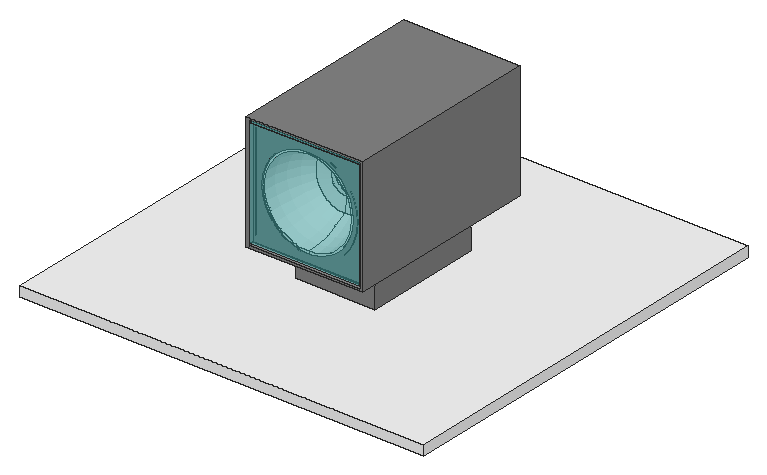
Revit family "BE_24617_de_DE", category Leuchten, Revit 2017
Family settings
  Basisbauteil = Fläche
  Bemaßung runder Anschluss = Durchmesser verwenden
  Teiletyp = Normal
  Beim Laden mit Abzugskörper schneiden = Ja
  Lichtquelle = Ja
  Gemeinsam genutzt = Nein
  Raumberechnungspunkt = Ja
Parameters (values of type "BEGA_24617_Grafit_K3")
  built-in parameter 1150104 = 16.37 (stored number, unit not read)
  Wattage = 16.8 W
  Default Elevation = 0 mm
  built-in parameter 1150113 = 1 (stored number, unit not read)
  built-in parameter 1114218 = 1 (stored number, unit not read)
  Umgebungstemperatur = "25 °C"
  URL = "https://www.bega.com/de/produkt/24617"
  Typenkommentare = "© 2021 BEGA. Wir behalten uns das Recht vor, technische Änderungen ohne vorherige Ankündigung vorzunehmen."  # constant formula
  built-in parameter 1150134 = (empty or 0)
  built-in parameter 1150109 = 1 (stored number, unit not read)
  Strom = ""
  built-in parameter 1150110 = 1 (stored number, unit not read)
  Spannung = 239.996 V
  Sonderanfertigung = no
  Seriennummer [instance] = "Hier können Sie die eindeutige Seriennummer für das Facility Management eintragen."
  Schutzklasse = "I"
  Schutzart = "IP 65"
  Scheinlast = 0 VA
  Produktdatenblatt = "http://www.bega.de/download/Xrfa/db/24617.db.de.pdf"
  Oberflächentemperatur = ""
  Neigungswinkel = 0.00°
  Modell = "24617K3"
  Material_18 = BEGA_Gummi_schwarz
  Material_17 = BEGA_Reflektor
  Material_15 = BEGA_Leuchtmedium_matt
  Material_11 = BEGA_Glas_opal
  Material_09 = BEGA_Glas_klar
  Material_06 = BEGA_Oberfläche_Edelstahl_gebürstet
  Material_03 = BEGA_Oberfläche_Weiss_matt
  Material_02 = BEGA_Oberfläche_Silber_matt
  Material_01 [instance] = BEGA_Oberfläche_Grafit_matt
  M_W = no
  M_G = yes
  M_A = no
  Logo = 0
  built-in parameter 1114217 = 1 (stored number, unit not read)
  built-in parameter 1150139 = (empty or 0)
  built-in parameter 1150105 = 235.56 (stored number, unit not read)
  built-in parameter 1150114 = 1 (stored number, unit not read)
  Lumens = 2960.16 lm
  built-in parameter 1150115 = 1 (stored number, unit not read)
  Leuchtenlichtstrom = "2090 lm"
  Leuchtenanzahl = ""
  Lebensdauerkriterien = "L70B50 @ 25 °C = 170000 h"
  Lastklassifizierung = Beleuchtung
  built-in parameter 1150112 = 1 (stored number, unit not read)
  Lampenlichtstrom = "2960 lm"
  Lampe = "LED 16.8 W"
  LED_Modulbezeichnung = "2x LED-1145/830"
  built-in parameter 1150142 = (empty or 0)
  Hersteller = "BEGA"  # constant formula
  Halbstreuwinkel = ""
  Gewicht = "2.7 kg"
  Gebrauchslageneinschränkung [instance] = ""
  Frequenz = "0/50-60 Hz"
  Farbwiedergabeindex = "CRI > 80"
  Farbtemperaturverschiebung bei Dämpfen der Lampe = <Keine Auswahl>
  Farbtemperatur = "3000 K"
  Color Filter = 16777215
  built-in parameter 1150133 = 10 (stored number, unit not read)
  Energieeffizienzklasse = "LED A++ - A"
  built-in parameter 1150137 = (empty or 0)
  built-in parameter 1150132 = (empty or 0)
  ENEC = ""
  Dimmbar [instance] = ""
  Datei für fotometrisches Netz = "BE_24617K3.IES"
  CE_Konformität = "ja"
  Bestellnummer = "24617K3"
  Beschreibung_Sonderanfertigung = "Hier können Sie Informationen zur Sonderanfertigung eintragen."
  Beschreibung = "Wandleuchte"
  built-in parameter 1150106 = 2.3556 (stored number, unit not read)
  Befestigungsbohrung = "Ø 4,4 mm"
  Befestigungsabstand = "60 x 95 mm"
  Ballwurfsicher = ""
  BEGA_Intern_aus = yes
  BEGA_Intern_an = yes
  BEGA_Intern_Konstruktion = yes
  BEGA_Intern = yes
  BEGA_IES = yes
  BEGA_Dummy = no
  Anschlussleitung = ""
  Anschlussleistung [instance] = "19 W"
  Anschlusskasten = ""
  built-in parameter 1150107 = 3000 (stored number, unit not read)
  built-in parameter 1150102 = (empty or 0)
  built-in parameter 1150138 = (empty or 0)
  Aktualisierung = "2021-06-02T04:00:13"
  Abstand_zur_angestrahlten_Fläche [instance] = ""
  AC/DC = "AC/DC"
Types (6, lengths in mm): name | built-in parameter 1150104 | built-in parameter 1150134 | Modell | M_W | M_G | M_A | built-in parameter 1150105 | Lumens | Leuchtenlichtstrom | Lampenlichtstrom | LED_Modulbezeichnung | Farbtemperatur | Datei für fotometrisches Netz | Bestellnummer | built-in parameter 1150106 | built-in parameter 1150107
  BEGA_24617_Grafit_K4 | 17.196 (stored number, unit not read) | 12 | "24617K4" | no | yes | no | 247.46 (stored number, unit not read) | 3109.68 lm | "2196 lm" | "3110 lm" | "2x LED-1145/840" | "4000 K" | "BE_24617K4.IES" | "24617K4" | 2.4746 (stored number, unit not read) | 4000 (stored number, unit not read)
  BEGA_24617_Grafit_K3 | 16.37 (stored number, unit not read) | (empty or 0) | "24617K3" | no | yes | no | 235.56 (stored number, unit not read) | 2960.16 lm | "2090 lm" | "2960 lm" | "2x LED-1145/830" | "3000 K" | "BE_24617K3.IES" | "24617K3" | 2.3556 (stored number, unit not read) | 3000 (stored number, unit not read)
  BEGA_24617_Silber_K4 | 17.196 (stored number, unit not read) | 12 | "24617AK4" | no | no | yes | 247.46 (stored number, unit not read) | 3109.68 lm | "2196 lm" | "3110 lm" | "2x LED-1145/840" | "4000 K" | "BE_24617K4.IES" | "24617AK4" | 2.4746 (stored number, unit not read) | 4000 (stored number, unit not read)
  BEGA_24617_Silber_K3 | 16.37 (stored number, unit not read) | (empty or 0) | "24617AK3" | no | no | yes | 235.56 (stored number, unit not read) | 2960.16 lm | "2090 lm" | "2960 lm" | "2x LED-1145/830" | "3000 K" | "BE_24617K3.IES" | "24617AK3" | 2.3556 (stored number, unit not read) | 3000 (stored number, unit not read)
  BEGA_24617_Weiß_K3 | 16.37 (stored number, unit not read) | (empty or 0) | "24617WK3" | yes | no | no | 235.56 (stored number, unit not read) | 2960.16 lm | "2090 lm" | "2960 lm" | "2x LED-1145/830" | "3000 K" | "BE_24617K3.IES" | "24617WK3" | 2.3556 (stored number, unit not read) | 3000 (stored number, unit not read)
  BEGA_24617_Weiß_K4 | 17.196 (stored number, unit not read) | 12 | "24617WK4" | yes | no | no | 247.46 (stored number, unit not read) | 3109.68 lm | "2196 lm" | "3110 lm" | "2x LED-1145/840" | "4000 K" | "BE_24617K4.IES" | "24617WK4" | 2.4746 (stored number, unit not read) | 4000 (stored number, unit not read)
Reference planes
  plane 1 "Mitte (Vorne/Hinten)": y = 0
  plane 2: z = 0
  plane 3 "Mitte (Links/Rechts)": x = 0
  plane 4 "Links": x = -58.008
  plane 5 "Rechts": x = 56.992
  plane 6 "Unten": y = -97.725
  plane 7 "Oben": y = 97.725
  plane 8 "Vorne": z = 154.8
  plane 9 "Hinten": z = 0
Forms (mm)
  Extrusion 1, solid, material "BEGA_Platte_Weiss"
    sketch origin (0, -1119.2, 0) x (1, 0, 0) y (0, 1, 0)
      loop
        line (-200, 1319.2) -> (-200, 919.2) -> (200, 919.2) -> (200, 1319.2) -> (-200, 1319.2)
    from 0 to -10
  Extrusion 2, solid, material "BEGA_Dummy_matt", visible <- "BEGA_Dummy"
    sketch origin (80.095, -76.023, 0) x (1, 0, 0) y (0, 1, 0)
      loop
        line (-138.104, 173.748) -> (-138.104, -21.702) -> (-23.104, -21.702) -> (-23.104, 173.748) -> (-138.104, 173.748)
    from 0 to 154.8
Dimensions and locks
  plane 1 "Mitte (Vorne/Hinten)" to Extrusion 1 = 200 mm
  aligned and locked: Extrusion 1 to plane 2
  aligned and locked: Extrusion 1 to level
Nested families
  nested 1: "BE_24617" at (0, 0, 0) x (0, 1, 0) z (0, 0, 1), type "BE_24617"
Connectors
  electrical at (0, 0, 0), driven by "Lastklassifizierung", driven by "Spannung", driven by "Scheinlast"
    settings: index 1, voltage 239.996 V, apparent load 0 VA, apparent load phase1 0 VA, apparent load phase2 0 VA, apparent load phase3 0 VA, power factor 1, load classification "Beleuchtung", number of poles 1, system type 31, power factor state 1, is connector primary yes, connector utility no, sub classification motor no, connector description ""
Definition of nested family "BE_24617"
  Parameters (values of type "BE_24617")
    Default Elevation = 1 mm
    URL = "http://www.bega.de/de/produkt"
    Type Comments = "© 2015 BEGA. Wir behalten uns das Recht vor, technische Änderungen ohne vorherige Ankündigung vorzunehmen. "  # constant formula
    Type Image = (empty or 0)
    Neigungswinkel_um_Z2 = 0.00°
    Neigungswinkel_um_Z1 = 0.00°
    Neigungswinkel_um_Y2 = 0.00°
    Neigungswinkel_um_Y1 = 0.00°
    Neigungswinkel_um_X2 = 0.00°
    Neigungswinkel_um_X1 = 0.00°
    Material_18 = none
    Material_17 = none
    Material_15 = none
    Material_11 = none
    Material_09 = none
    Material_06 = none
    Material_03 = none
    Material_02 = none
    Material_01 = none
    M_W = yes
    M_G = yes
    M_A = yes
    Länge_Platte = 400 mm  # constant formula
    Höhe_Platte = -25 mm  # constant formula
    Manufacturer = "BEGA"  # constant formula
    Drehwinkel_um_Z2 = 0.00°
    Drehwinkel_um_Z1 = 0.00°
    Breite_Platte = 400 mm  # constant formula
  Reference planes
    plane 1 "Mitte (Oben/Unten)": y = 0
    plane 2: z = 0
    plane 3 "Mitte (Links/Rechts)": x = 0
    plane 4: x = 97.725
    plane 5: z = 154.8
    plane 6: x = -97.725
    plane 7: y = 58.008
    plane 8: y = -56.992
  Forms (mm)
    Extrusion 1, solid, detail levels medium
      sketch origin (0, 0, 0) x (1, 0, 0) y (0, 1, 0)
        loop
          line (-200, 200) -> (-200, -200) -> (200, -200) -> (200, 200) -> (-200, 200)
      from 0 to -25 <- "Höhe_Platte"
    Extrusion 2, solid, material <- "Material_01", visible <- "M_G"
      sketch origin (0, 0, 0) x (1, 0, 0) y (0, 0, 1)
        loop
          line (97.475, 154.8) -> (-97.525, 154.8) -> (-97.525, 39.8) -> (97.475, 39.8) -> (97.475, 154.8)
      from -58.008 to 56.992
    Extrusion 3, void
      sketch origin (0, 0, 0) x (1, 0, 0) y (0, 0, 1)
        loop
          line (-100.889, 146.069) -> (-100.889, 50.331) -> (-42.025, 50.331) -> (-42.025, 146.069) -> (-100.889, 146.069)
      from -51.5 to 51.5
    Extrusion 4, void
      sketch origin (0, 0, 0) x (-1, 0, 0) y (0, 0, -1)
        loop
          line (-100.889, -146.069) -> (-42.025, -146.069) -> (-42.025, -50.331) -> (-100.889, -50.331) -> (-100.889, -146.069)
      from -51.5 to 51.5
    Extrusion 5, void
      sketch origin (0, 0, 0) x (1, 0, 0) y (0, 0, 1)
        loop
          line (-99.791, 153.989) -> (-99.791, 40.411) -> (-93.325, 42.765) -> (-93.325, 151.635) -> (-99.791, 153.989)
      from -55 to 55
    Extrusion 6, void
      sketch origin (0, 0, 0) x (-1, 0, 0) y (0, 0, -1)
        loop
          line (-99.791, -153.989) -> (-93.325, -151.635) -> (-93.325, -42.765) -> (-99.791, -40.411) -> (-99.791, -153.989)
      from -55 to 55
    Revolve 7, solid, material <- "Material_17"
      sketch origin (0, 0, -1) x (1, 0, 0) y (0, 0, 1)
        loop
          line (-93.325, 49.2) -> (-92.125, 49.2) -> (-92.125, 53.997)
          arc (-92.125, 53.997) -> (-68.571, 57.347) -> (-47.663, 68.699) r 67.151
          line (-47.663, 68.699) -> (-45.129, 83.069) -> (-45.125, 88.2) -> (-46.329, 88.2) -> (-46.329, 83.174) -> (-48.772, 69.319)
          arc (-48.772, 69.319) -> (-69.78, 58.256) -> (-93.325, 55.192) r 67.174
          line (-93.325, 55.192) -> (-93.325, 49.2)
        axis (-93.325, 98.2) -> (-45.125, 98.2)
      angle from 0 to 360
    Extrusion 8, solid, material <- "Material_09"
      sketch origin (0, 0, 0) x (1, 0, 0) y (0, 0, 1)
        loop
          line (-97.725, 151.2) -> (-97.725, 43.2) -> (-93.625, 43.2) -> (-93.625, 151.2) -> (-97.725, 151.2)
      from -54 to 54
    Extrusion 9, solid, material <- "Material_09"
      sketch origin (0, 0, 0) x (-1, 0, 0) y (0, 0, -1)
        loop
          line (-97.725, -151.2) -> (-93.625, -151.2) -> (-93.625, -43.2) -> (-97.725, -43.2) -> (-97.725, -151.2)
      from -54 to 54
    Extrusion 10, solid, material <- "Material_18"
      sketch origin (0, 0, 0) x (0, 1, 0) y (0, 0, 1)
        loop
          circle (0, 97.2) r 45.5
        loop
          line (53.5, 150.7) -> (-53.5, 150.7) -> (-53.5, 43.7) -> (53.5, 43.7) -> (53.5, 150.7)
      from 92.865 to 93.675
    Extrusion 11, solid, material <- "Material_18"
      sketch origin (0, 0, 0) x (0, 1, 0) y (0, 0, -1)
        loop
          circle (0, -97.2) r 45.5
        loop
          line (53.5, -150.7) -> (53.5, -43.7) -> (-53.5, -43.7) -> (-53.5, -150.7) -> (53.5, -150.7)
      from 92.865 to 93.675
    Revolve 12, solid, material <- "Material_17"
      sketch origin (0, 0, -1) x (-1, 0, 0) y (0, 0, 1)
        loop
          line (-93.325, 49.2) -> (-92.125, 49.2) -> (-92.125, 53.997)
          arc (-92.125, 53.997) -> (-68.571, 57.347) -> (-47.663, 68.699) r 67.151
          line (-47.663, 68.699) -> (-45.129, 83.069) -> (-45.125, 88.2) -> (-46.329, 88.2) -> (-46.329, 83.174) -> (-48.772, 69.319)
          arc (-48.772, 69.319) -> (-69.78, 58.256) -> (-93.325, 55.192) r 67.174
          line (-93.325, 55.192) -> (-93.325, 49.2)
        axis (-93.325, 98.2) -> (-45.125, 98.2)
      angle from 0 to 360
    Revolve 13, solid, material <- "Material_15"
      sketch origin (0, 0, -0.993) x (1, 0, 0) y (0, 0, 1)
        loop
          line (-43.575, 109.316) -> (-43.575, 98.2) -> (-42.025, 98.2) -> (-42.025, 109.316) -> (-43.575, 109.316)
        axis (-43.575, 98.2) -> (-42.025, 98.2)
      angle from 0 to 360
    Extrusion 14, solid, material <- "Material_01", visible <- "M_G"
      sketch origin (0, 0, 0) x (1, 0, 0) y (0, 0, 1)
        loop
          line (-59.025, 1) -> (58.975, 1) -> (57.876, 43) -> (-57.925, 43) -> (-59.025, 1)
      from -40.22 to 38.809
    Extrusion 15, solid, material <- "Material_01", visible <- "M_G"
      sketch origin (0, 0, 0) x (1, 0, 0) y (0, 1, 0)
        loop
          arc (45.675, 33.724) -> (43.46, 31.508) -> (45.675, 29.293) r 2.215
          line (45.675, 29.293) -> (49.675, 29.293)
          arc (49.675, 29.293) -> (51.891, 31.508) -> (49.675, 33.724) r 2.215
          line (49.675, 33.724) -> (45.675, 33.724)
        loop
          arc (45.675, 35.723) -> (41.461, 31.508) -> (45.675, 27.293) r 4.215
          line (45.675, 27.293) -> (49.675, 27.293)
          arc (49.675, 27.293) -> (53.89, 31.508) -> (49.675, 35.723) r 4.215
          line (49.675, 35.723) -> (45.675, 35.723)
      from 0 to 15.14
    Extrusion 16, solid, material <- "Material_01", visible <- "M_G"
      sketch origin (0, 0, 0) x (1, 0, 0) y (0, 1, 0)
        loop
          arc (45.675, -26.277) -> (41.461, -30.492) -> (45.675, -34.707) r 4.215
          line (45.675, -34.707) -> (49.675, -34.707)
          arc (49.675, -34.707) -> (53.89, -30.492) -> (49.675, -26.277) r 4.215
          line (49.675, -26.277) -> (45.675, -26.277)
      from 0 to 15.14
    Extrusion 17, solid, material <- "Material_01", visible <- "M_G"
      sketch origin (0, 0, 0) x (1, 0, 0) y (0, 1, 0)
        loop
          line (-49.54, -26.492) -> (-49.54, -30.492)
          arc (-49.54, -30.492) -> (-47.325, -32.707) -> (-45.109, -30.492) r 2.215
          line (-45.109, -30.492) -> (-45.109, -26.492)
          arc (-45.109, -26.492) -> (-47.325, -24.276) -> (-49.54, -26.492) r 2.215
        loop
          line (-51.539, -26.492) -> (-51.539, -30.492)
          arc (-51.539, -30.492) -> (-47.325, -34.707) -> (-43.11, -30.492) r 4.215
          line (-43.11, -30.492) -> (-43.11, -26.492)
          arc (-43.11, -26.492) -> (-47.325, -22.277) -> (-51.539, -26.492) r 4.215
      from 0 to 13.915
    Extrusion 18, solid, material <- "Material_01", visible <- "M_G"
      sketch origin (0, 0, 0) x (1, 0, 0) y (0, 1, 0)
        loop
          arc (-43.11, 31.508) -> (-47.325, 35.723) -> (-51.539, 31.508) r 4.215
          line (-51.539, 31.508) -> (-51.539, 27.508)
          arc (-51.539, 27.508) -> (-47.325, 23.293) -> (-43.11, 27.508) r 4.215
          line (-43.11, 27.508) -> (-43.11, 31.508)
      from 0 to 13.915
    Extrusion 19, solid, material <- "Material_02", visible <- "M_A"
      sketch origin (0, 0, 0) x (1, 0, 0) y (0, 0, 1)
        loop
          line (97.475, 154.8) -> (-97.525, 154.8) -> (-97.525, 39.8) -> (97.475, 39.8) -> (97.475, 154.8)
      from -58.008 to 56.992
    Extrusion 20, solid, material <- "Material_03", visible <- "M_W"
      sketch origin (0, 0, 0) x (1, 0, 0) y (0, 0, 1)
        loop
          line (97.475, 154.8) -> (-97.525, 154.8) -> (-97.525, 39.8) -> (97.475, 39.8) -> (97.475, 154.8)
      from -58.008 to 56.992
    Extrusion 21, solid, material <- "Material_02", visible <- "M_A"
      sketch origin (0, 0, 0) x (1, 0, 0) y (0, 0, 1)
        loop
          line (-59.025, 1) -> (58.975, 1) -> (57.876, 43) -> (-57.925, 43) -> (-59.025, 1)
      from -40.22 to 38.809
    Extrusion 22, solid, material <- "Material_03", visible <- "M_W"
      sketch origin (0, 0, 0) x (1, 0, 0) y (0, 0, 1)
        loop
          line (-59.025, 1) -> (58.975, 1) -> (57.876, 43) -> (-57.925, 43) -> (-59.025, 1)
      from -40.22 to 38.809
    Extrusion 23, solid, material <- "Material_02", visible <- "M_A"
      sketch origin (0, 0, 0) x (1, 0, 0) y (0, 1, 0)
        loop
          line (-49.54, -26.492) -> (-49.54, -30.492)
          arc (-49.54, -30.492) -> (-47.325, -32.707) -> (-45.109, -30.492) r 2.215
          line (-45.109, -30.492) -> (-45.109, -26.492)
          arc (-45.109, -26.492) -> (-47.325, -24.276) -> (-49.54, -26.492) r 2.215
        loop
          line (-51.539, -26.492) -> (-51.539, -30.492)
          arc (-51.539, -30.492) -> (-47.325, -34.707) -> (-43.11, -30.492) r 4.215
          line (-43.11, -30.492) -> (-43.11, -26.492)
          arc (-43.11, -26.492) -> (-47.325, -22.277) -> (-51.539, -26.492) r 4.215
      from 0 to 13.915
    Extrusion 24, solid, material <- "Material_03", visible <- "M_W"
      sketch origin (0, 0, 0) x (1, 0, 0) y (0, 1, 0)
        loop
          line (-49.54, -26.492) -> (-49.54, -30.492)
          arc (-49.54, -30.492) -> (-47.325, -32.707) -> (-45.109, -30.492) r 2.215
          line (-45.109, -30.492) -> (-45.109, -26.492)
          arc (-45.109, -26.492) -> (-47.325, -24.276) -> (-49.54, -26.492) r 2.215
        loop
          line (-51.539, -26.492) -> (-51.539, -30.492)
          arc (-51.539, -30.492) -> (-47.325, -34.707) -> (-43.11, -30.492) r 4.215
          line (-43.11, -30.492) -> (-43.11, -26.492)
          arc (-43.11, -26.492) -> (-47.325, -22.277) -> (-51.539, -26.492) r 4.215
      from 0 to 13.915
    Extrusion 25, solid, material <- "Material_02", visible <- "M_A"
      sketch origin (0, 0, 0) x (1, 0, 0) y (0, 1, 0)
        loop
          arc (-43.11, 31.508) -> (-47.325, 35.723) -> (-51.539, 31.508) r 4.215
          line (-51.539, 31.508) -> (-51.539, 27.508)
          arc (-51.539, 27.508) -> (-47.325, 23.293) -> (-43.11, 27.508) r 4.215
          line (-43.11, 27.508) -> (-43.11, 31.508)
      from 0 to 13.915
    Extrusion 26, solid, material <- "Material_03", visible <- "M_W"
      sketch origin (0, 0, 0) x (1, 0, 0) y (0, 1, 0)
        loop
          arc (-43.11, 31.508) -> (-47.325, 35.723) -> (-51.539, 31.508) r 4.215
          line (-51.539, 31.508) -> (-51.539, 27.508)
          arc (-51.539, 27.508) -> (-47.325, 23.293) -> (-43.11, 27.508) r 4.215
          line (-43.11, 27.508) -> (-43.11, 31.508)
      from 0 to 13.915
    Extrusion 27, solid, material <- "Material_02", visible <- "M_A"
      sketch origin (0, 0, 0) x (1, 0, 0) y (0, 1, 0)
        loop
          arc (45.675, -26.277) -> (41.461, -30.492) -> (45.675, -34.707) r 4.215
          line (45.675, -34.707) -> (49.675, -34.707)
          arc (49.675, -34.707) -> (53.89, -30.492) -> (49.675, -26.277) r 4.215
          line (49.675, -26.277) -> (45.675, -26.277)
      from 0 to 15.14
    Extrusion 28, solid, material <- "Material_03", visible <- "M_W"
      sketch origin (0, 0, 0) x (1, 0, 0) y (0, 1, 0)
        loop
          arc (45.675, -26.277) -> (41.461, -30.492) -> (45.675, -34.707) r 4.215
          line (45.675, -34.707) -> (49.675, -34.707)
          arc (49.675, -34.707) -> (53.89, -30.492) -> (49.675, -26.277) r 4.215
          line (49.675, -26.277) -> (45.675, -26.277)
      from 0 to 15.14
    Extrusion 29, solid, material <- "Material_02", visible <- "M_A"
      sketch origin (0, 0, 0) x (1, 0, 0) y (0, 1, 0)
        loop
          arc (45.675, 33.724) -> (43.46, 31.508) -> (45.675, 29.293) r 2.215
          line (45.675, 29.293) -> (49.675, 29.293)
          arc (49.675, 29.293) -> (51.891, 31.508) -> (49.675, 33.724) r 2.215
          line (49.675, 33.724) -> (45.675, 33.724)
        loop
          arc (45.675, 35.723) -> (41.461, 31.508) -> (45.675, 27.293) r 4.215
          line (45.675, 27.293) -> (49.675, 27.293)
          arc (49.675, 27.293) -> (53.89, 31.508) -> (49.675, 35.723) r 4.215
          line (49.675, 35.723) -> (45.675, 35.723)
      from 0 to 15.14
    Extrusion 30, solid, material <- "Material_03", visible <- "M_W"
      sketch origin (0, 0, 0) x (1, 0, 0) y (0, 1, 0)
        loop
          arc (45.675, 33.724) -> (43.46, 31.508) -> (45.675, 29.293) r 2.215
          line (45.675, 29.293) -> (49.675, 29.293)
          arc (49.675, 29.293) -> (51.891, 31.508) -> (49.675, 33.724) r 2.215
          line (49.675, 33.724) -> (45.675, 33.724)
        loop
          arc (45.675, 35.723) -> (41.461, 31.508) -> (45.675, 27.293) r 4.215
          line (45.675, 27.293) -> (49.675, 27.293)
          arc (49.675, 27.293) -> (53.89, 31.508) -> (49.675, 35.723) r 4.215
          line (49.675, 35.723) -> (45.675, 35.723)
      from 0 to 15.14
    Revolve 31, solid, material <- "Material_15"
      sketch origin (0, 0, -0.993) x (-1, 0, 0) y (0, 0, 1)
        loop
          line (-43.575, 109.316) -> (-43.575, 98.2) -> (-42.025, 98.2) -> (-42.025, 109.316) -> (-43.575, 109.316)
        axis (-43.575, 98.2) -> (-42.025, 98.2)
      angle from 0 to 360
  Cuts and joins
    Extrusion 3, Extrusion 4, Extrusion 5, Extrusion 6 cuts Extrusion 2
    Extrusion 3, Extrusion 4, Extrusion 5, Extrusion 6 cuts Extrusion 19
    Extrusion 3, Extrusion 4, Extrusion 5, Extrusion 6 cuts Extrusion 20
  Dimensions and locks
    equal spacing: Extrusion 1 sketch curve, plane 3 "Mitte (Links/Rechts)", Extrusion 1 sketch curve
    equal spacing: Extrusion 1 sketch curve, plane 1 "Mitte (Oben/Unten)", Extrusion 1 sketch curve
    "Länge_Platte": Extrusion 1 sketch curve to Extrusion 1 sketch curve
    "Breite_Platte": Extrusion 1 sketch curve to Extrusion 1 sketch curve
    aligned and locked: Extrusion 1 to plane 2
    aligned and locked: Extrusion 1 to level
  Automatic sketch dimensions
    Extrusion 2 sketch curve to plane 5 = 0 mm
    plane 6 to Extrusion 2 sketch curve = 0.2 mm
    Extrusion 2 sketch curve to plane 4 = 0.249 mm
    level to Extrusion 2 sketch curve = 39.8 mm
    Extrusion 3 sketch curve to plane 6 = 3.165 mm
    Extrusion 3 sketch curve to plane 5 = 8.731 mm
    Extrusion 3 sketch curve to plane 3 "Mitte (Links/Rechts)" = 42.025 mm
    level to Extrusion 3 sketch curve = 50.331 mm
    Extrusion 4 sketch curve to plane 4 = 3.165 mm
    plane 5 to Extrusion 4 sketch curve = 8.731 mm
    Extrusion 4 sketch curve to plane 3 "Mitte (Links/Rechts)" = 42.025 mm
    Extrusion 4 sketch curve to level = 50.331 mm
    Extrusion 5 sketch curve to plane 6 = 2.066 mm
    plane 6 to Extrusion 5 sketch curve = 4.4 mm
    level to Extrusion 5 sketch curve = 40.411 mm
    Extrusion 5 sketch curve to Extrusion 5 sketch curve = 2.354 mm
    Extrusion 5 sketch curve to plane 5 = 3.165 mm
    Extrusion 5 sketch curve to plane 5 = 0.811 mm
    Extrusion 6 sketch curve to plane 4 = 2.066 mm
    plane 4 to Extrusion 6 sketch curve = 4.4 mm
    Extrusion 6 sketch curve to level = 40.411 mm
    Extrusion 6 sketch curve to Extrusion 6 sketch curve = 2.354 mm
    plane 5 to Extrusion 6 sketch curve = 3.165 mm
    plane 5 to Extrusion 6 sketch curve = 0.811 mm
    plane 6 to Revolve 7 sketch curve = 4.4 mm
    Revolve 7 sketch curve to Revolve 7 sketch curve = 1.2 mm  (x2)
    plane 6 to Revolve 7 sketch curve = 7.641 mm
    Revolve 7 sketch curve to Revolve 7 sketch curve = 0.43 mm
    Revolve 7 sketch curve to Revolve 7 sketch curve = 43.352 mm
    Revolve 7 sketch curve to Revolve 7 sketch curve = 1.109 mm
    Revolve 7 sketch curve to Revolve 7 sketch curve = 2.443 mm
    Revolve 7 sketch curve to Revolve 7 sketch curve = 1.205 mm
    level to Revolve 7 sketch curve = 48.2 mm
    Revolve 7 sketch curve to Revolve 7 sketch curve = 4.797 mm
    Revolve 7 sketch curve to Revolve 7 sketch curve = 1.195 mm
    Revolve 7 sketch curve to Revolve 7 sketch curve = 14.702 mm
    Revolve 7 sketch curve to Revolve 7 sketch curve = 0.619 mm
    Revolve 7 sketch curve to Revolve 7 sketch curve = 13.751 mm
    Revolve 7 sketch curve to Revolve 7 sketch curve = 0.105 mm
    Revolve 7 sketch curve to Revolve 7 sketch curve = 5.131 mm
    plane 6 to Revolve 7 sketch curve = 2.4 mm
    Revolve 7 sketch curve to Revolve 7 sketch curve = 2 mm
    Revolve 7 sketch curve to Revolve 7 sketch curve = 10 mm
    Extrusion 8 sketch curve to plane 6 = 0 mm
    plane 6 to Extrusion 8 sketch curve = 4.1 mm
    level to Extrusion 8 sketch curve = 43.2 mm
    Extrusion 8 sketch curve to plane 5 = 3.6 mm
    Extrusion 9 sketch curve to plane 4 = 0 mm
    Extrusion 9 sketch curve to Extrusion 9 sketch curve = 4.1 mm
    Extrusion 9 sketch curve to level = 43.2 mm
    plane 5 to Extrusion 9 sketch curve = 3.6 mm
    Extrusion 10 sketch curve to plane 1 "Mitte (Oben/Unten)" = 0 mm
    plane 8 to Extrusion 10 sketch curve = 3.492 mm
    Extrusion 10 sketch curve to plane 7 = 4.508 mm
    level to Extrusion 10 sketch curve = 43.7 mm
    Extrusion 10 sketch curve to plane 5 = 57.6 mm
    Extrusion 10 sketch curve to plane 5 = 4.1 mm
    Extrusion 11 sketch curve to plane 1 "Mitte (Oben/Unten)" = 0 mm
    plane 8 to Extrusion 11 sketch curve = 3.492 mm
    Extrusion 11 sketch curve to plane 7 = 4.508 mm
    Extrusion 11 sketch curve to plane 5 = 4.1 mm
    Extrusion 11 sketch curve to plane 5 = 57.6 mm
    level to Extrusion 11 sketch curve = 43.7 mm
    plane 4 to Revolve 12 sketch curve = 4.4 mm
    Revolve 12 sketch curve to Revolve 12 sketch curve = 1.2 mm  (x2)
    plane 4 to Revolve 12 sketch curve = 7.641 mm
    Revolve 12 sketch curve to Revolve 12 sketch curve = 0.43 mm
    Revolve 12 sketch curve to Revolve 12 sketch curve = 43.352 mm
    Revolve 12 sketch curve to Revolve 12 sketch curve = 1.109 mm
    Revolve 12 sketch curve to Revolve 12 sketch curve = 2.443 mm
    Revolve 12 sketch curve to Revolve 12 sketch curve = 1.205 mm
    Revolve 12 sketch curve to level = 48.2 mm
    Revolve 12 sketch curve to Revolve 12 sketch curve = 4.797 mm
    Revolve 12 sketch curve to Revolve 12 sketch curve = 1.195 mm
    Revolve 12 sketch curve to Revolve 12 sketch curve = 14.702 mm
    Revolve 12 sketch curve to Revolve 12 sketch curve = 0.619 mm
    Revolve 12 sketch curve to Revolve 12 sketch curve = 13.751 mm
    Revolve 12 sketch curve to Revolve 12 sketch curve = 0.105 mm
    Revolve 12 sketch curve to Revolve 12 sketch curve = 5.131 mm
    plane 4 to Revolve 12 sketch curve = 2.4 mm
    Revolve 12 sketch curve to Revolve 12 sketch curve = 2 mm
    Revolve 12 sketch curve to Revolve 12 sketch curve = 10 mm
    Revolve 13 sketch curve to plane 3 "Mitte (Links/Rechts)" = 43.575 mm
    Revolve 13 sketch curve to Revolve 13 sketch curve = 1.55 mm
    Revolve 13 sketch curve to plane 5 = 57.593 mm
    Revolve 13 sketch curve to Revolve 13 sketch curve = 11.116 mm
    plane 6 to Revolve 13 sketch curve = 2.4 mm
    Revolve 13 sketch curve to Revolve 13 sketch curve = 0.45 mm
    Revolve 13 sketch curve to Revolve 13 sketch curve = 0 mm
    level to Extrusion 14 sketch curve = 1 mm
    plane 6 to Extrusion 14 sketch curve = 38.7 mm
    plane 6 to Extrusion 14 sketch curve = 39.8 mm
    Extrusion 14 sketch curve to plane 4 = 39.849 mm
    Extrusion 14 sketch curve to plane 4 = 38.749 mm
    Extrusion 14 sketch curve to Extrusion 14 sketch curve = 42 mm
    Extrusion 19 sketch curve to plane 5 = 0 mm
    plane 6 to Extrusion 19 sketch curve = 0.2 mm
    Extrusion 19 sketch curve to plane 4 = 0.249 mm
    level to Extrusion 19 sketch curve = 39.8 mm
    Extrusion 20 sketch curve to plane 5 = 0 mm
    plane 6 to Extrusion 20 sketch curve = 0.2 mm
    Extrusion 20 sketch curve to plane 4 = 0.249 mm
    level to Extrusion 20 sketch curve = 39.8 mm
    level to Extrusion 21 sketch curve = 1 mm
    plane 6 to Extrusion 21 sketch curve = 38.7 mm
    plane 6 to Extrusion 21 sketch curve = 39.8 mm
    Extrusion 21 sketch curve to plane 4 = 39.849 mm
    Extrusion 21 sketch curve to plane 4 = 38.749 mm
    Extrusion 21 sketch curve to Extrusion 21 sketch curve = 42 mm
    level to Extrusion 22 sketch curve = 1 mm
    plane 6 to Extrusion 22 sketch curve = 38.7 mm
    plane 6 to Extrusion 22 sketch curve = 39.8 mm
    Extrusion 22 sketch curve to plane 4 = 39.849 mm
    Extrusion 22 sketch curve to plane 4 = 38.749 mm
    Extrusion 22 sketch curve to Extrusion 22 sketch curve = 42 mm
    Extrusion 23 sketch curve to Extrusion 23 sketch curve = 0 mm  (x23)
    Extrusion 23 sketch curve to plane 3 "Mitte (Links/Rechts)" = 47.325 mm
    plane 8 to Extrusion 23 sketch curve = 26.5 mm
    Extrusion 23 sketch curve to Extrusion 23 sketch curve = 4 mm  (x3)
    Extrusion 23 sketch curve to Extrusion 23 sketch curve = 2.215 mm  (x2)
    Extrusion 23 sketch curve to Extrusion 23 sketch curve = 1.999 mm  (x2)
    Extrusion 24 sketch curve to Extrusion 24 sketch curve = 0 mm  (x23)
    Extrusion 24 sketch curve to plane 3 "Mitte (Links/Rechts)" = 47.325 mm
    plane 8 to Extrusion 24 sketch curve = 26.5 mm
    Extrusion 24 sketch curve to Extrusion 24 sketch curve = 4 mm  (x3)
    Extrusion 24 sketch curve to Extrusion 24 sketch curve = 2.215 mm  (x2)
    Extrusion 24 sketch curve to Extrusion 24 sketch curve = 1.999 mm  (x2)
    Extrusion 25 sketch curve to plane 3 "Mitte (Links/Rechts)" = 47.325 mm
    Extrusion 25 sketch curve to Extrusion 25 sketch curve = 0 mm  (x10)
    Extrusion 25 sketch curve to plane 1 "Mitte (Oben/Unten)" = 27.508 mm
    Extrusion 25 sketch curve to Extrusion 25 sketch curve = 4 mm  (x3)
    Extrusion 25 sketch curve to Extrusion 25 sketch curve = 4.215 mm
    Extrusion 26 sketch curve to plane 3 "Mitte (Links/Rechts)" = 47.325 mm
    Extrusion 26 sketch curve to Extrusion 26 sketch curve = 0 mm  (x10)
    Extrusion 26 sketch curve to plane 1 "Mitte (Oben/Unten)" = 27.508 mm
    Extrusion 26 sketch curve to Extrusion 26 sketch curve = 4 mm  (x3)
    Extrusion 26 sketch curve to Extrusion 26 sketch curve = 4.215 mm
    plane 3 "Mitte (Links/Rechts)" to Extrusion 27 sketch curve = 45.675 mm
    Extrusion 27 sketch curve to Extrusion 27 sketch curve = 4 mm  (x3)
    plane 8 to Extrusion 27 sketch curve = 26.5 mm
    Extrusion 27 sketch curve to Extrusion 27 sketch curve = 0 mm  (x9)
    Extrusion 27 sketch curve to Extrusion 27 sketch curve = 4.215 mm
    plane 3 "Mitte (Links/Rechts)" to Extrusion 28 sketch curve = 45.675 mm
    Extrusion 28 sketch curve to Extrusion 28 sketch curve = 4 mm  (x3)
    plane 8 to Extrusion 28 sketch curve = 26.5 mm
    Extrusion 28 sketch curve to Extrusion 28 sketch curve = 0 mm  (x9)
    Extrusion 28 sketch curve to Extrusion 28 sketch curve = 4.215 mm
    Extrusion 29 sketch curve to Extrusion 29 sketch curve = 0 mm  (x22)
    plane 3 "Mitte (Links/Rechts)" to Extrusion 29 sketch curve = 45.675 mm
    Extrusion 29 sketch curve to Extrusion 29 sketch curve = 4 mm
    Extrusion 29 sketch curve to plane 7 = 26.5 mm
    Extrusion 29 sketch curve to Extrusion 29 sketch curve = 2.215 mm  (x2)
    Extrusion 29 sketch curve to Extrusion 29 sketch curve = 1.999 mm  (x2)
    Extrusion 30 sketch curve to Extrusion 30 sketch curve = 0 mm  (x22)
    plane 3 "Mitte (Links/Rechts)" to Extrusion 30 sketch curve = 45.675 mm
    Extrusion 30 sketch curve to Extrusion 30 sketch curve = 4 mm
    Extrusion 30 sketch curve to plane 7 = 26.5 mm
    Extrusion 30 sketch curve to Extrusion 30 sketch curve = 2.215 mm  (x2)
    Extrusion 30 sketch curve to Extrusion 30 sketch curve = 1.999 mm  (x2)
    Revolve 31 sketch curve to plane 3 "Mitte (Links/Rechts)" = 43.575 mm
    Revolve 31 sketch curve to Revolve 31 sketch curve = 1.55 mm
    plane 5 to Revolve 31 sketch curve = 57.593 mm
    Revolve 31 sketch curve to Revolve 31 sketch curve = 11.116 mm
    plane 4 to Revolve 31 sketch curve = 2.4 mm
    Revolve 31 sketch curve to Revolve 31 sketch curve = 0.45 mm
    Revolve 31 sketch curve to Revolve 31 sketch curve = 0 mm
    radius of Extrusion 10 sketch curve = 45.5 mm
    radius of Extrusion 11 sketch curve = 45.5 mm
